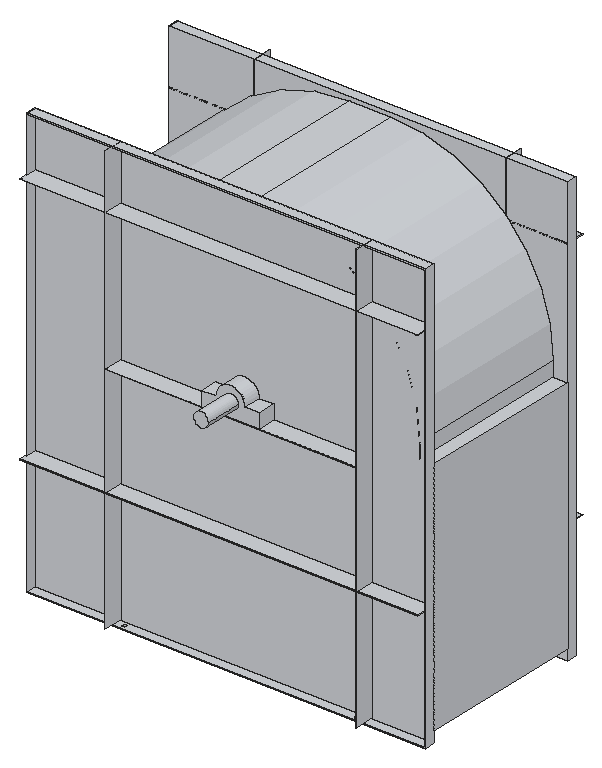
Revit family "CA-4_SWSI_ARR_3_CCW_BHD", category Mechanical Equipment, Revit 2019
Family settings
  Round Connector Dimension = Use Radius
  Part Type = Normal
  Work Plane-Based = No
  Always vertical = Yes
  Cut with Voids When Loaded = No
  Shared = No
  Room Calculation Point = No
Parameters (values of type "600_CA-4_SWSI_ARR_3_CCW_BHD_CLASS_3")
  S = 32"
  R = 49 5/16"
  P = 24 21/32"
  O/2 = O / 2  # 17/32"
  O = 1 1/16"
  N/2 = N / 2  # 1 31/32"
  N = 3 15/16"
  ModelID [instance] = ""
  M = 66 11/16"
  L = 10"
  K = 56 11/16"
  J = 3"
  INLET_RAD/2 = INLET_RAD / 2  # 16 1/2"
  INLET_RAD+1.5" = INLET_RAD + 1 1/2"  # 34 1/2"
  INLET_RAD = INLET_DIA / 2  # 33"
  INLET_DIA = 66"
  H = 51 5/8"
  G = 109 5/8"
  F = 118"
  Unit Weight [instance] = ""
  Sones [instance] = ""
  Motor RPM [instance] = ""
  Motor Enclosure [instance] = ""
  LwA [instance] = ""
  Fan RPM [instance] = ""
  E = 49 3/4"
  E-(INLET_RAD+1.5") = F - E - (INLET_RAD + 1 1/2")  # 33 3/4"
  E+(INLET_RAD+1.5") = F - E + (INLET_RAD + 1 1/2")  # 102 3/4"
  F-E = F - E  # 68 1/4"
  D-((D-B)/2) = D - ((D - B) / 2)  # 48 13/16"
  D = 51 13/16"
  B = 45 13/16"
  Accessories [instance] = ""
  A = 65 5/8"
  3" = 3"  # constant formula
  Brake Hp [instance] = ""
  4" = 4"  # constant formula
  2N = N + N  # 7 7/8"
  2' = 24"
  2" = 2"  # constant formula
  1" = 1"  # constant formula
  0 = 0"  # constant formula
  Voltage [instance] = 0 V
  URL = "www.lorencook.com"
  Type Comments = "Airfoil Centrifugal Blower Arrangement 3 Counter-Clockwise Bottom Horizontal Discharge"  # constant formula
  Static Pressure [instance] = 0.00 in-wg
  Power [instance] = Voltage * Motor FLA * sqrt(if(Phase = 3, 3, 1))  # 0 VA
  Phase [instance] = 0
  Number of Poles [instance] = 1
  Motor Hp [instance] = "0"
  Motor FLA [instance] = 0 A
  Model = "CA-4 SWSI ARR 3 CCW BHD CLASS 3"
  Manufacturer = "Loren Cook Company"
  CFM [instance] = 0 CFM
  1.5 = 1 1/2"  # constant formula
  ONE EIGTH = 1/8"  # constant formula
  -(((K-B)/2)-.125") = -(((K - B) / 2) - 1/8")  # -5 5/16"
  (R-B)/2 = (R - B) / 2  # 1 3/4"
  ((K-B)/2)+B = ((K - B) / 2) + B  # 51 1/4"
  (D-B)/2 = (D - B) / 2  # 3"
  -(((K-B)/2)+L) = -(((K - B) / 2) + L)  # -15 7/16"
  ((D-B)/2)-.125" = ((D - B) / 2) - 1/8"  # 2 7/8"
Types (55): name | S | R | P | O/2 | O | N/2 | N | M | L | K | J | INLET_RAD/2 | INLET_RAD+1.5" | INLET_RAD | INLET_DIA | H | G | F | E | E-(INLET_RAD+1.5") | E+(INLET_RAD+1.5") | F-E | D-((D-B)/2) | D | B | A | 2N | Model | -(((K-B)/2)-.125") | (R-B)/2 | ((K-B)/2)+B | (D-B)/2 | -(((K-B)/2)+L) | ((D-B)/2)-.125"
  (no name) | 32" | 49 5/16" | 24 21/32" | 17/32" | 1 1/16" | 1 31/32" | 3 15/16" | 66 11/16" | 10" | 56 11/16" | 3" | 16 1/2" | 34 1/2" | 33" | 66" | 51 5/8" | 109 5/8" | 118" | 49 3/4" | 33 3/4" | 102 3/4" | 68 1/4" | 48 13/16" | 51 13/16" | 45 13/16" | 65 5/8" | 7 7/8" | "CA-4 SWSI ARR 3 CCW BHD CLASS 3" | -5 5/16" | 1 3/4" | 51 1/4" | 3" | -15 7/16" | 2 7/8"
  120_CA-4_SWSI_ARR_3_CCW_BHD_CLASS_1 | 7 1/2" | 11 7/16" | 5 23/32" | 11/32" | 11/16" | 1/2" | 1" | 18 7/8" | 3" | 15 7/8" | 2" | 4 1/16" | 9 5/8" | 8 1/8" | 16 1/4" | 10 3/8" | 22 3/4" | 25 3/4" | 10 3/4" | 5 3/8" | 24 5/8" | 15" | 11 3/16" | 13 3/16" | 9 3/16" | 13 1/8" | 2" | "CA-4 SWSI ARR 3 CCW BHD CLASS 1" | -3 7/32" | 1 1/8" | 12 17/32" | 2" | -6 11/32" | 1 7/8"
  120_CA-4_SWSI_ARR_3_CCW_BHD_CLASS_2 | 7 1/2" | 11 7/16" | 5 23/32" | 11/32" | 11/16" | 1/2" | 1" | 18 7/8" | 3" | 15 7/8" | 2" | 4 1/16" | 9 5/8" | 8 1/8" | 16 1/4" | 10 3/8" | 22 3/4" | 25 3/4" | 10 3/4" | 5 3/8" | 24 5/8" | 15" | 11 3/16" | 13 3/16" | 9 3/16" | 13 1/8" | 2" | "CA-4 SWSI ARR 3 CCW BHD CLASS 2" | -3 7/32" | 1 1/8" | 12 17/32" | 2" | -6 11/32" | 1 7/8"
  120_CA-4_SWSI_ARR_3_CCW_BHD_CLASS_3 | 7 1/2" | 11 7/16" | 5 23/32" | 11/32" | 11/16" | 19/32" | 1 3/16" | 18 7/8" | 3" | 15 7/8" | 2" | 4 1/16" | 9 5/8" | 8 1/8" | 16 1/4" | 10 3/8" | 22 3/4" | 25 3/4" | 10 3/4" | 5 3/8" | 24 5/8" | 15" | 11 3/16" | 13 3/16" | 9 3/16" | 13 1/8" | 2 3/8" | "CA-4 SWSI ARR 3 CCW BHD CLASS 3" | -3 7/32" | 1 1/8" | 12 17/32" | 2" | -6 11/32" | 1 7/8"
  135_CA-4_SWSI_ARR_3_CCW_BHD_CLASS_1 | 8 1/2" | 12 9/16" | 6 9/32" | 11/32" | 11/16" | 1/2" | 1" | 20" | 3" | 17" | 2" | 4 7/16" | 10 3/8" | 8 7/8" | 17 3/4" | 11 5/8" | 25 1/2" | 28 3/4" | 12" | 6 3/8" | 27 1/8" | 16 3/4" | 12 5/16" | 14 5/16" | 10 5/16" | 14 3/4" | 2" | "CA-4 SWSI ARR 3 CCW BHD CLASS 1" | -3 7/32" | 1 1/8" | 13 21/32" | 2" | -6 11/32" | 1 7/8"
  135_CA-4_SWSI_ARR_3_CCW_BHD_CLASS_2 | 8 1/2" | 12 9/16" | 6 9/32" | 11/32" | 11/16" | 1/2" | 1" | 20" | 3" | 17" | 2" | 4 7/16" | 10 3/8" | 8 7/8" | 17 3/4" | 11 5/8" | 25 1/2" | 28 3/4" | 12" | 6 3/8" | 27 1/8" | 16 3/4" | 12 5/16" | 14 5/16" | 10 5/16" | 14 3/4" | 2" | "CA-4 SWSI ARR 3 CCW BHD CLASS 2" | -3 7/32" | 1 1/8" | 13 21/32" | 2" | -6 11/32" | 1 7/8"
  135_CA-4_SWSI_ARR_3_CCW_BHD_CLASS_3 | 8 1/2" | 12 9/16" | 6 9/32" | 11/32" | 11/16" | 19/32" | 1 3/16" | 20" | 3" | 17" | 2" | 4 7/16" | 10 3/8" | 8 7/8" | 17 3/4" | 11 5/8" | 25 1/2" | 28 3/4" | 12" | 6 3/8" | 27 1/8" | 16 3/4" | 12 5/16" | 14 5/16" | 10 5/16" | 14 3/4" | 2 3/8" | "CA-4 SWSI ARR 3 CCW BHD CLASS 3" | -3 7/32" | 1 1/8" | 13 21/32" | 2" | -6 11/32" | 1 7/8"
  150_CA-4_SWSI_ARR_3_CCW_BHD_CLASS_1 | 9" | 13 11/16" | 6 27/32" | 11/32" | 11/16" | 1/2" | 1" | 21 1/8" | 3" | 18 1/8" | 2" | 4 13/16" | 11 1/8" | 9 5/8" | 19 1/4" | 12 7/8" | 28 1/8" | 31 5/8" | 13 1/4" | 7 1/4" | 29 1/2" | 18 3/8" | 13 7/16" | 15 7/16" | 11 7/16" | 16 7/16" | 2" | "CA-4 SWSI ARR 3 CCW BHD CLASS 1" | -3 7/32" | 1 1/8" | 14 25/32" | 2" | -6 11/32" | 1 7/8"
  150_CA-4_SWSI_ARR_3_CCW_BHD_CLASS_2 | 9" | 13 11/16" | 6 27/32" | 11/32" | 11/16" | 19/32" | 1 3/16" | 21 1/8" | 3" | 18 1/8" | 2" | 4 13/16" | 11 1/8" | 9 5/8" | 19 1/4" | 12 7/8" | 28 1/8" | 31 5/8" | 13 1/4" | 7 1/4" | 29 1/2" | 18 3/8" | 13 7/16" | 15 7/16" | 11 7/16" | 16 7/16" | 2 3/8" | "CA-4 SWSI ARR 3 CCW BHD CLASS 2" | -3 7/32" | 1 1/8" | 14 25/32" | 2" | -6 11/32" | 1 7/8"
  150_CA-4_SWSI_ARR_3_CCW_BHD_CLASS_3 | 9" | 13 11/16" | 6 27/32" | 11/32" | 11/16" | 23/32" | 1 7/16" | 21 1/8" | 3" | 18 1/8" | 2" | 4 13/16" | 11 1/8" | 9 5/8" | 19 1/4" | 12 7/8" | 28 1/8" | 31 5/8" | 13 1/4" | 7 1/4" | 29 1/2" | 18 3/8" | 13 7/16" | 15 7/16" | 11 7/16" | 16 7/16" | 2 7/8" | "CA-4 SWSI ARR 3 CCW BHD CLASS 3" | -3 7/32" | 1 1/8" | 14 25/32" | 2" | -6 11/32" | 1 7/8"
  165_CA-4_SWSI_ARR_3_CCW_BHD_CLASS_1 | 10" | 14 7/8" | 7 7/16" | 11/32" | 11/16" | 1/2" | 1" | 23 15/16" | 4" | 19 5/16" | 2" | 5 5/16" | 12 1/8" | 10 5/8" | 21 1/4" | 14 1/4" | 30 7/8" | 34 3/8" | 14 3/8" | 7 7/8" | 32 1/8" | 20" | 14 5/8" | 16 5/8" | 12 5/8" | 18 1/16" | 2" | "CA-4 SWSI ARR 3 CCW BHD CLASS 1" | -3 7/32" | 1 1/8" | 15 31/32" | 2" | -7 11/32" | 1 7/8"
  165_CA-4_SWSI_ARR_3_CCW_BHD_CLASS_2 | 10" | 14 7/8" | 7 7/16" | 11/32" | 11/16" | 19/32" | 1 3/16" | 23 15/16" | 4" | 19 5/16" | 2" | 5 5/16" | 12 1/8" | 10 5/8" | 21 1/4" | 14 1/4" | 30 7/8" | 34 3/8" | 14 3/8" | 7 7/8" | 32 1/8" | 20" | 14 5/8" | 16 5/8" | 12 5/8" | 18 1/16" | 2 3/8" | "CA-4 SWSI ARR 3 CCW BHD CLASS 2" | -3 7/32" | 1 1/8" | 15 31/32" | 2" | -7 11/32" | 1 7/8"
  165_CA-4_SWSI_ARR_3_CCW_BHD_CLASS_3 | 10" | 14 7/8" | 7 7/16" | 11/32" | 11/16" | 23/32" | 1 7/16" | 23 15/16" | 4" | 19 5/16" | 2" | 5 5/16" | 12 1/8" | 10 5/8" | 21 1/4" | 14 1/4" | 30 7/8" | 34 3/8" | 14 3/8" | 7 7/8" | 32 1/8" | 20" | 14 5/8" | 16 5/8" | 12 5/8" | 18 1/16" | 2 7/8" | "CA-4 SWSI ARR 3 CCW BHD CLASS 3" | -3 7/32" | 1 1/8" | 15 31/32" | 2" | -7 11/32" | 1 7/8"
  180_CA-4_SWSI_ARR_3_CCW_BHD_CLASS_1 | 11" | 16" | 8" | 11/32" | 11/16" | 19/32" | 1 3/16" | 24 15/16" | 4 1/2" | 20 7/16" | 2" | 5 11/16" | 12 7/8" | 11 3/8" | 22 3/4" | 15 1/2" | 33 5/8" | 37 1/8" | 15 5/8" | 8 5/8" | 34 3/8" | 21 1/2" | 15 3/4" | 17 3/4" | 13 3/4" | 19 11/16" | 2 3/8" | "CA-4 SWSI ARR 3 CCW BHD CLASS 1" | -3 7/32" | 1 1/8" | 17 3/32" | 2" | -7 27/32" | 1 7/8"
  180_CA-4_SWSI_ARR_3_CCW_BHD_CLASS_2 | 11" | 16" | 8" | 11/32" | 11/16" | 23/32" | 1 7/16" | 24 15/16" | 4 1/2" | 20 7/16" | 2" | 5 11/16" | 12 7/8" | 11 3/8" | 22 3/4" | 15 1/2" | 33 5/8" | 37 1/8" | 15 5/8" | 8 5/8" | 34 3/8" | 21 1/2" | 15 3/4" | 17 3/4" | 13 3/4" | 19 11/16" | 2 7/8" | "CA-4 SWSI ARR 3 CCW BHD CLASS 2" | -3 7/32" | 1 1/8" | 17 3/32" | 2" | -7 27/32" | 1 7/8"
  180_CA-4_SWSI_ARR_3_CCW_BHD_CLASS_3 | 11" | 16" | 8" | 11/32" | 11/16" | 27/32" | 1 11/16" | 24 15/16" | 4 1/2" | 20 7/16" | 2" | 5 11/16" | 12 7/8" | 11 3/8" | 22 3/4" | 15 1/2" | 33 5/8" | 37 1/8" | 15 5/8" | 8 5/8" | 34 3/8" | 21 1/2" | 15 3/4" | 17 3/4" | 13 3/4" | 19 11/16" | 3 3/8" | "CA-4 SWSI ARR 3 CCW BHD CLASS 3" | -3 7/32" | 1 1/8" | 17 3/32" | 2" | -7 27/32" | 1 7/8"
  195_CA-4_SWSI_ARR_3_CCW_BHD_CLASS_1 | 11 1/2" | 17 3/16" | 8 19/32" | 11/32" | 11/16" | 23/32" | 1 7/16" | 27 3/16" | 4 1/2" | 22 11/16" | 2" | 6 1/16" | 13 5/8" | 12 1/8" | 24 1/4" | 16 3/4" | 36 1/4" | 40" | 16 3/4" | 9 5/8" | 36 7/8" | 23 1/4" | 16 15/16" | 18 15/16" | 14 15/16" | 21 5/16" | 2 7/8" | "CA-4 SWSI ARR 3 CCW BHD CLASS 1" | -3 3/4" | 1 1/8" | 18 13/16" | 2" | -8 3/8" | 1 7/8"
  195_CA-4_SWSI_ARR_3_CCW_BHD_CLASS_2 | 11 1/2" | 17 3/16" | 8 19/32" | 11/32" | 11/16" | 23/32" | 1 7/16" | 27 3/16" | 4 1/2" | 22 11/16" | 2" | 6 1/16" | 13 5/8" | 12 1/8" | 24 1/4" | 16 3/4" | 36 1/4" | 40" | 16 3/4" | 9 5/8" | 36 7/8" | 23 1/4" | 16 15/16" | 18 15/16" | 14 15/16" | 21 5/16" | 2 7/8" | "CA-4 SWSI ARR 3 CCW BHD CLASS 2" | -3 3/4" | 1 1/8" | 18 13/16" | 2" | -8 3/8" | 1 7/8"
  195_CA-4_SWSI_ARR_3_CCW_BHD_CLASS_3 | 11 1/2" | 17 3/16" | 8 19/32" | 11/32" | 11/16" | 27/32" | 1 11/16" | 27 3/16" | 4 1/2" | 22 11/16" | 2" | 6 1/16" | 13 5/8" | 12 1/8" | 24 1/4" | 16 3/4" | 36 1/4" | 40" | 16 3/4" | 9 5/8" | 36 7/8" | 23 1/4" | 16 15/16" | 18 15/16" | 14 15/16" | 21 5/16" | 3 3/8" | "CA-4 SWSI ARR 3 CCW BHD CLASS 3" | -3 3/4" | 1 1/8" | 18 13/16" | 2" | -8 3/8" | 1 7/8"
  210_CA-4_SWSI_ARR_3_CCW_BHD_CLASS_1 | 12" | 18 5/16" | 9 5/32" | 13/32" | 13/16" | 23/32" | 1 7/16" | 28 13/16" | 5" | 23 13/16" | 2" | 6 1/2" | 14 1/2" | 13" | 26" | 18 1/8" | 39 1/8" | 42 7/8" | 18" | 10 3/8" | 39 3/8" | 24 7/8" | 18 1/16" | 20 1/16" | 16 1/16" | 23" | 2 7/8" | "CA-4 SWSI ARR 3 CCW BHD CLASS 1" | -3 3/4" | 1 1/8" | 19 15/16" | 2" | -8 7/8" | 1 7/8"
  210_CA-4_SWSI_ARR_3_CCW_BHD_CLASS_2 | 12" | 18 5/16" | 9 5/32" | 13/32" | 13/16" | 23/32" | 1 7/16" | 28 13/16" | 5" | 23 13/16" | 2" | 6 1/2" | 14 1/2" | 13" | 26" | 18 1/8" | 39 1/8" | 42 7/8" | 18" | 10 3/8" | 39 3/8" | 24 7/8" | 18 1/16" | 20 1/16" | 16 1/16" | 23" | 2 7/8" | "CA-4 SWSI ARR 3 CCW BHD CLASS 2" | -3 3/4" | 1 1/8" | 19 15/16" | 2" | -8 7/8" | 1 7/8"
  210_CA-4_SWSI_ARR_3_CCW_BHD_CLASS_3 | 12" | 18 5/16" | 9 5/32" | 13/32" | 13/16" | 27/32" | 1 11/16" | 28 13/16" | 5" | 23 13/16" | 2" | 6 1/2" | 14 1/2" | 13" | 26" | 18 1/8" | 39 1/8" | 42 7/8" | 18" | 10 3/8" | 39 3/8" | 24 7/8" | 18 1/16" | 20 1/16" | 16 1/16" | 23" | 3 3/8" | "CA-4 SWSI ARR 3 CCW BHD CLASS 3" | -3 3/4" | 1 1/8" | 19 15/16" | 2" | -8 7/8" | 1 7/8"
  225_CA-4_SWSI_ARR_3_CCW_BHD_CLASS_1 | 12 1/2" | 19 7/16" | 9 23/32" | 13/32" | 13/16" | 23/32" | 1 7/16" | 29 15/16" | 5" | 24 15/16" | 2" | 6 7/8" | 15 1/4" | 13 3/4" | 27 1/2" | 19 3/8" | 41 3/4" | 45 3/4" | 19 1/4" | 11 1/4" | 41 3/4" | 26 1/2" | 19 3/16" | 21 3/16" | 17 3/16" | 24 5/8" | 2 7/8" | "CA-4 SWSI ARR 3 CCW BHD CLASS 1" | -3 3/4" | 1 1/8" | 21 1/16" | 2" | -8 7/8" | 1 7/8"
  225_CA-4_SWSI_ARR_3_CCW_BHD_CLASS_2 | 12 1/2" | 19 7/16" | 9 23/32" | 13/32" | 13/16" | 23/32" | 1 7/16" | 29 15/16" | 5" | 24 15/16" | 2" | 6 7/8" | 15 1/4" | 13 3/4" | 27 1/2" | 19 3/8" | 41 3/4" | 45 3/4" | 19 1/4" | 11 1/4" | 41 3/4" | 26 1/2" | 19 3/16" | 21 3/16" | 17 3/16" | 24 5/8" | 2 7/8" | "CA-4 SWSI ARR 3 CCW BHD CLASS 2" | -3 3/4" | 1 1/8" | 21 1/16" | 2" | -8 7/8" | 1 7/8"
  225_CA-4_SWSI_ARR_3_CCW_BHD_CLASS_3 | 12 1/2" | 19 7/16" | 9 23/32" | 13/32" | 13/16" | 27/32" | 1 11/16" | 29 15/16" | 5" | 24 15/16" | 2" | 6 7/8" | 15 1/4" | 13 3/4" | 27 1/2" | 19 3/8" | 41 3/4" | 45 3/4" | 19 1/4" | 11 1/4" | 41 3/4" | 26 1/2" | 19 3/16" | 21 3/16" | 17 3/16" | 24 5/8" | 3 3/8" | "CA-4 SWSI ARR 3 CCW BHD CLASS 3" | -3 3/4" | 1 1/8" | 21 1/16" | 2" | -8 7/8" | 1 7/8"
  245_CA-4_SWSI_ARR_3_CCW_BHD_CLASS_1 | 13 1/2" | 21" | 10 1/2" | 13/32" | 13/16" | 23/32" | 1 7/16" | 32" | 5 1/2" | 26 1/2" | 2" | 7 3/8" | 16 1/4" | 14 3/4" | 29 1/2" | 21 1/8" | 45 3/8" | 49 1/2" | 20 7/8" | 12 3/8" | 44 7/8" | 28 5/8" | 20 3/4" | 22 3/4" | 18 3/4" | 26 13/16" | 2 7/8" | "CA-4 SWSI ARR 3 CCW BHD CLASS 1" | -3 3/4" | 1 1/8" | 22 5/8" | 2" | -9 3/8" | 1 7/8"
  245_CA-4_SWSI_ARR_3_CCW_BHD_CLASS_2 | 13 1/2" | 21" | 10 1/2" | 13/32" | 13/16" | 27/32" | 1 11/16" | 32" | 5 1/2" | 26 1/2" | 2" | 7 3/8" | 16 1/4" | 14 3/4" | 29 1/2" | 21 1/8" | 45 3/8" | 49 1/2" | 20 7/8" | 12 3/8" | 44 7/8" | 28 5/8" | 20 3/4" | 22 3/4" | 18 3/4" | 26 13/16" | 3 3/8" | "CA-4 SWSI ARR 3 CCW BHD CLASS 2" | -3 3/4" | 1 1/8" | 22 5/8" | 2" | -9 3/8" | 1 7/8"
  245_CA-4_SWSI_ARR_3_CCW_BHD_CLASS_3 | 13 1/2" | 21" | 10 1/2" | 13/32" | 13/16" | 31/32" | 1 15/16" | 32" | 5 1/2" | 26 1/2" | 2" | 7 3/8" | 16 1/4" | 14 3/4" | 29 1/2" | 21 1/8" | 45 3/8" | 49 1/2" | 20 7/8" | 12 3/8" | 44 7/8" | 28 5/8" | 20 3/4" | 22 3/4" | 18 3/4" | 26 13/16" | 3 7/8" | "CA-4 SWSI ARR 3 CCW BHD CLASS 3" | -3 3/4" | 1 1/8" | 22 5/8" | 2" | -9 3/8" | 1 7/8"
  270_CA-4_SWSI_ARR_3_CCW_BHD_CLASS_1 | 15" | 22 7/8" | 11 7/16" | 13/32" | 13/16" | 23/32" | 1 7/16" | 34 3/8" | 6" | 28 3/8" | 2" | 8" | 17 1/2" | 16" | 32" | 23 1/4" | 49 7/8" | 54 3/4" | 23 3/8" | 13 7/8" | 48 7/8" | 31 3/8" | 22 5/8" | 24 5/8" | 20 5/8" | 29 9/16" | 2 7/8" | "CA-4 SWSI ARR 3 CCW BHD CLASS 1" | -3 3/4" | 1 1/8" | 24 1/2" | 2" | -9 7/8" | 1 7/8"
  270_CA-4_SWSI_ARR_3_CCW_BHD_CLASS_2 | 15" | 22 7/8" | 11 7/16" | 13/32" | 13/16" | 27/32" | 1 11/16" | 34 3/8" | 6" | 28 3/8" | 2" | 8" | 17 1/2" | 16" | 32" | 23 1/4" | 49 7/8" | 54 3/4" | 23 3/8" | 13 7/8" | 48 7/8" | 31 3/8" | 22 5/8" | 24 5/8" | 20 5/8" | 29 9/16" | 3 3/8" | "CA-4 SWSI ARR 3 CCW BHD CLASS 2" | -3 3/4" | 1 1/8" | 24 1/2" | 2" | -9 7/8" | 1 7/8"
  270_CA-4_SWSI_ARR_3_CCW_BHD_CLASS_3 | 15" | 22 7/8" | 11 7/16" | 13/32" | 13/16" | 31/32" | 1 15/16" | 34 3/8" | 6" | 28 3/8" | 2" | 8" | 17 1/2" | 16" | 32" | 23 1/4" | 49 7/8" | 54 3/4" | 23 3/8" | 13 7/8" | 48 7/8" | 31 3/8" | 22 5/8" | 24 5/8" | 20 5/8" | 29 9/16" | 3 7/8" | "CA-4 SWSI ARR 3 CCW BHD CLASS 3" | -3 3/4" | 1 1/8" | 24 1/2" | 2" | -9 7/8" | 1 7/8"
  300_CA-4_SWSI_ARR_3_CCW_BHD_CLASS_1 | 16 1/2" | 25 3/16" | 12 19/32" | 13/32" | 13/16" | 27/32" | 1 11/16" | 37 3/16" | 6 1/2" | 30 11/16" | 2" | 8 3/4" | 19" | 17 1/2" | 35" | 25 7/8" | 55 3/8" | 60" | 25 3/8" | 15 5/8" | 53 5/8" | 34 5/8" | 24 15/16" | 26 15/16" | 22 15/16" | 32 13/16" | 3 3/8" | "CA-4 SWSI ARR 3 CCW BHD CLASS 1" | -3 3/4" | 1 1/8" | 26 13/16" | 2" | -10 3/8" | 1 7/8"
  300_CA-4_SWSI_ARR_3_CCW_BHD_CLASS_2 | 16 1/2" | 25 3/16" | 12 19/32" | 13/32" | 13/16" | 31/32" | 1 15/16" | 37 3/16" | 6 1/2" | 30 11/16" | 2" | 8 3/4" | 19" | 17 1/2" | 35" | 25 7/8" | 55 3/8" | 60" | 25 3/8" | 15 5/8" | 53 5/8" | 34 5/8" | 24 15/16" | 26 15/16" | 22 15/16" | 32 13/16" | 3 7/8" | "CA-4 SWSI ARR 3 CCW BHD CLASS 2" | -3 3/4" | 1 1/8" | 26 13/16" | 2" | -10 3/8" | 1 7/8"
  300_CA-4_SWSI_ARR_3_CCW_BHD_CLASS_3 | 16 1/2" | 25 3/16" | 12 19/32" | 13/32" | 13/16" | 1 3/32" | 2 3/16" | 37 3/16" | 6 1/2" | 30 11/16" | 2" | 8 3/4" | 19" | 17 1/2" | 35" | 25 7/8" | 55 3/8" | 60" | 25 3/8" | 15 5/8" | 53 5/8" | 34 5/8" | 24 15/16" | 26 15/16" | 22 15/16" | 32 13/16" | 4 3/8" | "CA-4 SWSI ARR 3 CCW BHD CLASS 3" | -3 3/4" | 1 1/8" | 26 13/16" | 2" | -10 3/8" | 1 7/8"
  330_CA-4_SWSI_ARR_3_CCW_BHD_CLASS_1 | 18" | 27 1/2" | 13 3/4" | 13/32" | 13/16" | 27/32" | 1 11/16" | 40" | 7" | 33" | 2" | 9 1/2" | 20 1/2" | 19" | 38" | 28 3/8" | 60 3/4" | 65 3/4" | 27 7/8" | 17 3/8" | 58 3/8" | 37 7/8" | 27 1/4" | 29 1/4" | 25 1/4" | 36 1/8" | 3 3/8" | "CA-4 SWSI ARR 3 CCW BHD CLASS 1" | -3 3/4" | 1 1/8" | 29 1/8" | 2" | -10 7/8" | 1 7/8"
  330_CA-4_SWSI_ARR_3_CCW_BHD_CLASS_2 | 18" | 27 1/2" | 13 3/4" | 13/32" | 13/16" | 1 3/32" | 2 3/16" | 40" | 7" | 33" | 2" | 9 1/2" | 20 1/2" | 19" | 38" | 28 3/8" | 60 3/4" | 65 3/4" | 27 7/8" | 17 3/8" | 58 3/8" | 37 7/8" | 27 1/4" | 29 1/4" | 25 1/4" | 36 1/8" | 4 3/8" | "CA-4 SWSI ARR 3 CCW BHD CLASS 2" | -3 3/4" | 1 1/8" | 29 1/8" | 2" | -10 7/8" | 1 7/8"
  330_CA-4_SWSI_ARR_3_CCW_BHD_CLASS_3 | 18" | 27 1/2" | 13 3/4" | 13/32" | 13/16" | 1 3/32" | 2 3/16" | 40" | 7" | 33" | 2" | 9 1/2" | 20 1/2" | 19" | 38" | 28 3/8" | 60 3/4" | 65 3/4" | 27 7/8" | 17 3/8" | 58 3/8" | 37 7/8" | 27 1/4" | 29 1/4" | 25 1/4" | 36 1/8" | 4 3/8" | "CA-4 SWSI ARR 3 CCW BHD CLASS 3" | -3 3/4" | 1 1/8" | 29 1/8" | 2" | -10 7/8" | 1 7/8"
  365_CA-4_SWSI_ARR_3_CCW_BHD_CLASS_1 | 20" | 30 1/8" | 15 1/16" | 13/32" | 13/16" | 31/32" | 1 15/16" | 43 1/8" | 7 1/2" | 35 5/8" | 2" | 10 3/8" | 22 1/4" | 20 3/4" | 41 1/2" | 31 3/8" | 67" | 72 3/8" | 30 5/8" | 19 1/2" | 64" | 41 3/4" | 29 7/8" | 31 7/8" | 27 7/8" | 39 15/16" | 3 7/8" | "CA-4 SWSI ARR 3 CCW BHD CLASS 1" | -3 3/4" | 1 1/8" | 31 3/4" | 2" | -11 3/8" | 1 7/8"
  365_CA-4_SWSI_ARR_3_CCW_BHD_CLASS_2 | 20" | 30 1/8" | 15 1/16" | 13/32" | 13/16" | 1 7/32" | 2 7/16" | 43 1/8" | 7 1/2" | 35 5/8" | 2" | 10 3/8" | 22 1/4" | 20 3/4" | 41 1/2" | 31 3/8" | 67" | 72 3/8" | 30 5/8" | 19 1/2" | 64" | 41 3/4" | 29 7/8" | 31 7/8" | 27 7/8" | 39 15/16" | 4 7/8" | "CA-4 SWSI ARR 3 CCW BHD CLASS 2" | -3 3/4" | 1 1/8" | 31 3/4" | 2" | -11 3/8" | 1 7/8"
  365_CA-4_SWSI_ARR_3_CCW_BHD_CLASS_3 | 20" | 30 1/8" | 15 1/16" | 13/32" | 13/16" | 1 7/32" | 2 7/16" | 43 1/8" | 7 1/2" | 35 5/8" | 2" | 10 3/8" | 22 1/4" | 20 3/4" | 41 1/2" | 31 3/8" | 67" | 72 3/8" | 30 5/8" | 19 1/2" | 64" | 41 3/4" | 29 7/8" | 31 7/8" | 27 7/8" | 39 15/16" | 4 7/8" | "CA-4 SWSI ARR 3 CCW BHD CLASS 3" | -3 3/4" | 1 1/8" | 31 3/4" | 2" | -11 3/8" | 1 7/8"
  402_CA-4_SWSI_ARR_3_CCW_BHD_CLASS_1 | 22" | 34 1/4" | 17 1/8" | 17/32" | 1 1/16" | 31/32" | 1 15/16" | 46 5/8" | 8" | 38 5/8" | 3" | 11 5/16" | 24 1/8" | 22 5/8" | 45 1/4" | 34 5/8" | 73 7/8" | 80 3/8" | 33 5/8" | 22 5/8" | 70 7/8" | 46 3/4" | 33 3/4" | 36 3/4" | 30 3/4" | 44 1/16" | 3 7/8" | "CA-4 SWSI ARR 3 CCW BHD CLASS 1" | -3 13/16" | 1 3/4" | 34 11/16" | 3" | -11 15/16" | 2 7/8"
  402_CA-4_SWSI_ARR_3_CCW_BHD_CLASS_2 | 22" | 34 1/4" | 17 1/8" | 17/32" | 1 1/16" | 1 7/32" | 2 7/16" | 46 5/8" | 8" | 38 5/8" | 3" | 11 5/16" | 24 1/8" | 22 5/8" | 45 1/4" | 34 5/8" | 73 7/8" | 80 3/8" | 33 5/8" | 22 5/8" | 70 7/8" | 46 3/4" | 33 3/4" | 36 3/4" | 30 3/4" | 44 1/16" | 4 7/8" | "CA-4 SWSI ARR 3 CCW BHD CLASS 2" | -3 13/16" | 1 3/4" | 34 11/16" | 3" | -11 15/16" | 2 7/8"
  402_CA-4_SWSI_ARR_3_CCW_BHD_CLASS_3 | 22" | 34 1/4" | 17 1/8" | 17/32" | 1 1/16" | 1 11/32" | 2 11/16" | 46 5/8" | 8" | 38 5/8" | 3" | 11 5/16" | 24 1/8" | 22 5/8" | 45 1/4" | 34 5/8" | 73 7/8" | 80 3/8" | 33 5/8" | 22 5/8" | 70 7/8" | 46 3/4" | 33 3/4" | 36 3/4" | 30 3/4" | 44 1/16" | 5 3/8" | "CA-4 SWSI ARR 3 CCW BHD CLASS 3" | -3 13/16" | 1 3/4" | 34 11/16" | 3" | -11 15/16" | 2 7/8"
  445_CA-4_SWSI_ARR_3_CCW_BHD_CLASS_1 | 24" | 37 1/2" | 18 3/4" | 17/32" | 1 1/16" | 31/32" | 1 15/16" | 50 3/8" | 8 1/2" | 41 7/8" | 3" | 12 3/8" | 26 1/4" | 24 3/4" | 49 1/2" | 38 1/4" | 81 1/2" | 88 1/2" | 37 1/8" | 25 1/8" | 77 5/8" | 51 3/8" | 37" | 40" | 34" | 48 11/16" | 3 7/8" | "CA-4 SWSI ARR 3 CCW BHD CLASS 1" | -3 13/16" | 1 3/4" | 37 15/16" | 3" | -12 7/16" | 2 7/8"
  445_CA-4_SWSI_ARR_3_CCW_BHD_CLASS_2 | 24" | 37 1/2" | 18 3/4" | 17/32" | 1 1/16" | 1 11/32" | 2 11/16" | 50 3/8" | 8 1/2" | 41 7/8" | 3" | 12 3/8" | 26 1/4" | 24 3/4" | 49 1/2" | 38 1/4" | 81 1/2" | 88 1/2" | 37 1/8" | 25 1/8" | 77 5/8" | 51 3/8" | 37" | 40" | 34" | 48 11/16" | 5 3/8" | "CA-4 SWSI ARR 3 CCW BHD CLASS 2" | -3 13/16" | 1 3/4" | 37 15/16" | 3" | -12 7/16" | 2 7/8"
  445_CA-4_SWSI_ARR_3_CCW_BHD_CLASS_3 | 24" | 37 1/2" | 18 3/4" | 17/32" | 1 1/16" | 1 15/32" | 2 15/16" | 50 3/8" | 8 1/2" | 41 7/8" | 3" | 12 3/8" | 26 1/4" | 24 3/4" | 49 1/2" | 38 1/4" | 81 1/2" | 88 1/2" | 37 1/8" | 25 1/8" | 77 5/8" | 51 3/8" | 37" | 40" | 34" | 48 11/16" | 5 7/8" | "CA-4 SWSI ARR 3 CCW BHD CLASS 3" | -3 13/16" | 1 3/4" | 37 15/16" | 3" | -12 7/16" | 2 7/8"
  490_CA-4_SWSI_ARR_3_CCW_BHD_CLASS_1 | 26 1/2" | 40 15/16" | 20 15/32" | 17/32" | 1 1/16" | 1 3/32" | 2 3/16" | 55 5/16" | 9" | 46 5/16" | 3" | 13 3/4" | 29" | 27 1/2" | 55" | 42 1/4" | 89 3/4" | 97" | 40 3/4" | 27 1/4" | 85 1/4" | 56 1/4" | 40 7/16" | 43 7/16" | 37 7/16" | 53 5/8" | 4 3/8" | "CA-4 SWSI ARR 3 CCW BHD CLASS 1" | -4 5/16" | 1 3/4" | 41 7/8" | 3" | -13 7/16" | 2 7/8"
  490_CA-4_SWSI_ARR_3_CCW_BHD_CLASS_2 | 26 1/2" | 40 15/16" | 20 15/32" | 17/32" | 1 1/16" | 1 11/32" | 2 11/16" | 55 5/16" | 9" | 46 5/16" | 3" | 13 3/4" | 29" | 27 1/2" | 55" | 42 1/4" | 89 3/4" | 97" | 40 3/4" | 27 1/4" | 85 1/4" | 56 1/4" | 40 7/16" | 43 7/16" | 37 7/16" | 53 5/8" | 5 3/8" | "CA-4 SWSI ARR 3 CCW BHD CLASS 2" | -4 5/16" | 1 3/4" | 41 7/8" | 3" | -13 7/16" | 2 7/8"
  490_CA-4_SWSI_ARR_3_CCW_BHD_CLASS_3 | 26 1/2" | 40 15/16" | 20 15/32" | 17/32" | 1 1/16" | 1 15/32" | 2 15/16" | 55 5/16" | 9" | 46 5/16" | 3" | 13 3/4" | 29" | 27 1/2" | 55" | 42 1/4" | 89 3/4" | 97" | 40 3/4" | 27 1/4" | 85 1/4" | 56 1/4" | 40 7/16" | 43 7/16" | 37 7/16" | 53 5/8" | 5 7/8" | "CA-4 SWSI ARR 3 CCW BHD CLASS 3" | -4 5/16" | 1 3/4" | 41 7/8" | 3" | -13 7/16" | 2 7/8"
  540_CA-4_SWSI_ARR_3_CCW_BHD_CLASS_1 | 29" | 44 3/4" | 22 3/8" | 17/32" | 1 1/16" | 1 23/32" | 3 7/16" | 61 5/8" | 9 1/2" | 52 1/8" | 3" | 15" | 31 1/2" | 30" | 60" | 46 1/2" | 98 3/4" | 106 5/8" | 44 7/8" | 30 1/4" | 93 1/4" | 61 3/4" | 44 1/4" | 47 1/4" | 41 1/4" | 59 1/16" | 6 7/8" | "CA-4 SWSI ARR 3 CCW BHD CLASS 1" | -5 5/16" | 1 3/4" | 46 11/16" | 3" | -14 15/16" | 2 7/8"
  540_CA-4_SWSI_ARR_3_CCW_BHD_CLASS_2 | 29" | 44 3/4" | 22 3/8" | 17/32" | 1 1/16" | 1 15/32" | 2 15/16" | 61 5/8" | 9 1/2" | 52 1/8" | 3" | 15" | 31 1/2" | 30" | 60" | 46 1/2" | 98 3/4" | 106 5/8" | 44 7/8" | 30 1/4" | 93 1/4" | 61 3/4" | 44 1/4" | 47 1/4" | 41 1/4" | 59 1/16" | 5 7/8" | "CA-4 SWSI ARR 3 CCW BHD CLASS 2" | -5 5/16" | 1 3/4" | 46 11/16" | 3" | -14 15/16" | 2 7/8"
  540_CA-4_SWSI_ARR_3_CCW_BHD_CLASS_3 | 29" | 44 3/4" | 22 3/8" | 17/32" | 1 1/16" | 1 23/32" | 3 7/16" | 61 5/8" | 9 1/2" | 52 1/8" | 3" | 15" | 31 1/2" | 30" | 60" | 46 1/2" | 98 3/4" | 106 5/8" | 44 7/8" | 30 1/4" | 93 1/4" | 61 3/4" | 44 1/4" | 47 1/4" | 41 1/4" | 59 1/16" | 6 7/8" | "CA-4 SWSI ARR 3 CCW BHD CLASS 3" | -5 5/16" | 1 3/4" | 46 11/16" | 3" | -14 15/16" | 2 7/8"
  600_CA-4_SWSI_ARR_3_CCW_BHD_CLASS_1 | 32" | 49 5/16" | 24 21/32" | 17/32" | 1 1/16" | 1 11/32" | 2 11/16" | 66 11/16" | 10" | 56 11/16" | 3" | 16 1/2" | 34 1/2" | 33" | 66" | 51 5/8" | 109 5/8" | 118" | 49 3/4" | 33 3/4" | 102 3/4" | 68 1/4" | 48 13/16" | 51 13/16" | 45 13/16" | 65 5/8" | 5 3/8" | "CA-4 SWSI ARR 3 CCW BHD CLASS 1" | -5 5/16" | 1 3/4" | 51 1/4" | 3" | -15 7/16" | 2 7/8"
  600_CA-4_SWSI_ARR_3_CCW_BHD_CLASS_2 | 32" | 49 5/16" | 24 21/32" | 17/32" | 1 1/16" | 1 23/32" | 3 7/16" | 66 11/16" | 10" | 56 11/16" | 3" | 16 1/2" | 34 1/2" | 33" | 66" | 51 5/8" | 109 5/8" | 118" | 49 3/4" | 33 3/4" | 102 3/4" | 68 1/4" | 48 13/16" | 51 13/16" | 45 13/16" | 65 5/8" | 6 7/8" | "CA-4 SWSI ARR 3 CCW BHD CLASS 2" | -5 5/16" | 1 3/4" | 51 1/4" | 3" | -15 7/16" | 2 7/8"
  600_CA-4_SWSI_ARR_3_CCW_BHD_CLASS_3 | 32" | 49 5/16" | 24 21/32" | 17/32" | 1 1/16" | 1 31/32" | 3 15/16" | 66 11/16" | 10" | 56 11/16" | 3" | 16 1/2" | 34 1/2" | 33" | 66" | 51 5/8" | 109 5/8" | 118" | 49 3/4" | 33 3/4" | 102 3/4" | 68 1/4" | 48 13/16" | 51 13/16" | 45 13/16" | 65 5/8" | 7 7/8" | "CA-4 SWSI ARR 3 CCW BHD CLASS 3" | -5 5/16" | 1 3/4" | 51 1/4" | 3" | -15 7/16" | 2 7/8"
Reference planes (in)
  plane 1 "Center (Front/Back)": y = 0
  plane 2: z = 0
  plane 3 "Center (Left/Right)": x = 0.40541
Forms (in)
  Extrusion 1, solid
    sketch origin (0, 0, 0) x (1, 0, 0) y (0, 0, 1)
      loop
        line (-57.59459, 0) -> (52.03041, 0) -> (52.03041, 118) -> (-57.59459, 118) -> (-57.59459, 0)
    from 0 to 3 <- "(D-B)/2"
  Extrusion 2, solid
    sketch origin (0, 0, 0) x (1, 0, 0) y (0, 0, 1)
      loop
        line (-57.59459, 118) -> (-57.59459, 0) -> (52.03041, 0) -> (52.03041, 118) -> (-57.59459, 118)
    from 51.8125 <- "D" to 48.8125 <- "D-((D-B)/2)"
  Extrusion 3, void
    sketch origin (0, 0, 0) x (1, 0, 0) y (0, 0, 1)
      loop
        line (-57.46959, 117.875) -> (-57.46959, 0.125) -> (51.90541, 0.125) -> (51.90541, 117.875) -> (-57.46959, 117.875)
    from 0 to 2.875 <- "((D-B)/2)-.125""
  Extrusion 4, void
    sketch origin (0, -51.8125, 0) x (-1, 0, 0) y (0, 0, 1)
      loop
        line (57.46959, 117.875) -> (-51.90541, 117.875) -> (-51.90541, 0.125) -> (57.46959, 0.125) -> (57.46959, 117.875)
    from 0 to 2.875 <- "((D-B)/2)-.125""
  Extrusion 5, solid
    sketch origin (0, -3, 0) x (1, 0, 0) y (0, 0, 1)
      loop
        line (52.03041, 68.625) -> (48.09291, 68.625) -> (48.09291, 72.5625)
        arc (48.09291, 72.5625) -> (35.07747, 103.98456) -> (3.65541, 117) r 44.4375
        line (3.65541, 117) -> (-7.84459, 117)
        arc (-7.84459, 117) -> (-42.31604, 102.72146) -> (-56.59459, 68.25) r 48.75
        line (-56.59459, 68.25) -> (-56.59459, 59)
        arc (-56.59459, 59) -> (-40.19257, 19.40202) -> (-0.59459, 3) r 56
        line (-0.59459, 3) -> (52.03041, 3) -> (52.03041, 68.625)
    from 0 to 45.8125 <- "B"
  Extrusion 6, solid
    sketch origin (0, -48.8125, 0) x (-1, 0, 0) y (0, 0, 1)
      loop
        circle (-0.40541, 68.25) r 1.96875
    from 51.25 <- "((K-B)/2)+B" to -15.4375 <- "-(((K-B)/2)+L)"
  Extrusion 7, solid
    sketch origin (0, -48.8125, 0) x (-1, 0, 0) y (0, 0, 1)
      loop
        line (7.46959, 64.3125) -> (7.46959, 68.25) -> (3.53209, 68.25)
        arc (3.53209, 68.25) -> (-0.40541, 72.1875) -> (-4.34291, 68.25) r 3.9375
        line (-4.34291, 68.25) -> (-8.28041, 68.25) -> (-8.28041, 64.3125) -> (7.46959, 64.3125)
    from -0.5 to -5.3125 <- "-(((K-B)/2)-.125")"
  Extrusion 8, solid
    sketch origin (0, -3, 0) x (1, 0, 0) y (0, 0, 1)
      loop
        arc (4.34291, 68.25) -> (0.40541, 72.1875) -> (-3.53209, 68.25) r 3.9375
        line (-3.53209, 68.25) -> (-7.46959, 68.25) -> (-7.46959, 64.3125) -> (8.28041, 64.3125) -> (8.28041, 68.25) -> (4.34291, 68.25)
    from -0.5 to -5.3125 <- "-(((K-B)/2)-.125")"
  Extrusion 9, solid
    sketch origin (0, -3, 0) x (1, 0, 0) y (0, 0, 1)
      loop
        line (35.03041, 117.875) -> (34.90541, 117.875) -> (34.90541, 0.125) -> (35.03041, 0.125) -> (35.03041, 117.875)
      loop
        line (-34.09459, 0.125) -> (-34.09459, 117.875) -> (-34.21959, 117.875) -> (-34.21959, 0.125) -> (-34.09459, 0.125)
    from 0 to -5.3125 <- "-(((K-B)/2)-.125")"
  Extrusion 10, solid
    sketch origin (0, -3, 0) x (1, 0, 0) y (0, 0, 1)
      loop
        line (51.90541, 102.875) -> (-57.46959, 102.875) -> (-57.46959, 102.75) -> (51.90541, 102.75) -> (51.90541, 102.875)
      loop
        line (51.90541, 33.75) -> (-57.46959, 33.75) -> (-57.46959, 33.625) -> (51.90541, 33.625) -> (51.90541, 33.75)
      loop
        line (34.90541, 64.3125) -> (-34.09459, 64.3125) -> (-34.09459, 64.1875) -> (34.90541, 64.1875) -> (34.90541, 64.3125)
    from 0 to -5.3125 <- "-(((K-B)/2)-.125")"
  Extrusion 11, solid
    sketch origin (0, -48.8125, 0) x (-1, 0, 0) y (0, 0, 1)
      loop
        line (34.21959, 117.875) -> (34.09459, 117.875) -> (34.09459, 0.125) -> (34.21959, 0.125) -> (34.21959, 117.875)
      loop
        line (-34.90541, 0.125) -> (-34.90541, 117.875) -> (-35.03041, 117.875) -> (-35.03041, 0.125) -> (-34.90541, 0.125)
    from 0 to -5.3125 <- "-(((K-B)/2)-.125")"
  Extrusion 12, solid
    sketch origin (0, -48.8125, 0) x (-1, 0, 0) y (0, 0, 1)
      loop
        line (57.46959, 102.875) -> (-51.90541, 102.875) -> (-51.90541, 102.75) -> (57.46959, 102.75) -> (57.46959, 102.875)
      loop
        line (-34.90541, 64.3125) -> (-34.90541, 64.1875) -> (34.09459, 64.1875) -> (34.09459, 64.3125) -> (-34.90541, 64.3125)
      loop
        line (57.46959, 33.75) -> (-51.90541, 33.75) -> (-51.90541, 33.625) -> (57.46959, 33.625) -> (57.46959, 33.75)
    from 0 to -5.3125 <- "-(((K-B)/2)-.125")"
  Extrusion 13, void
    sketch origin (0, 0, 0) x (1, 0, 0) y (0, 1, 0)
      loop
        circle (-31.59459, -1.25) r 0.53125
      loop
        circle (32.40541, -1.25) r 0.53125
      loop
        circle (32.40541, -50.5625) r 0.53125
      loop
        circle (-31.59459, -50.5625) r 0.53125
    from -0.25 to 0.25
  Revolve 14, void
    sketch origin (0.40541, 0, 0) x (0, 1, 0) y (0, 0, 1)
      loop
        arc (-2.875, 101.25) -> (-7.70774, 89.58274) -> (-19.375, 84.75) r 16.5
        line (-19.375, 84.75) -> (-19.375, 70.21875) -> (-2.875, 70.21875) -> (-2.875, 101.25)
      axis (-19.375, 68.25) -> (-2.875, 68.25)
    angle from 0 to 360
Cuts and joins
  Extrusion 3, Extrusion 13, Revolve 14 cuts Extrusion 1
  Extrusion 4, Extrusion 13 cuts Extrusion 2
  Extrusion 13, Revolve 14 cuts Extrusion 9
  Extrusion 13 cuts Extrusion 11
  Revolve 14 cuts Extrusion 5
  Revolve 14 cuts Extrusion 10
Dimensions and locks (in)
  "0": Extrusion 1 sketch curve to level
  "F": Extrusion 1 sketch curve to Extrusion 1 sketch curve
  "H": Extrusion 1 sketch curve to plane 3 "Center (Left/Right)"
  "G": Extrusion 1 sketch curve to Extrusion 1 sketch curve
  "0": Extrusion 2 sketch curve to level
  "0": Extrusion 1 to Extrusion 2 sketch curve  (x2)
  "0": Extrusion 2 sketch curve to Extrusion 1
  "ONE EIGTH": Extrusion 2 to Extrusion 3 sketch curve  (x2)
  "ONE EIGTH": Extrusion 3 sketch curve to Extrusion 2
  "ONE EIGTH": Extrusion 3 sketch curve to level
  "ONE EIGTH": Extrusion 4 sketch curve to Extrusion 2  (x2)
  "ONE EIGTH": Extrusion 2 to Extrusion 4 sketch curve
  "ONE EIGTH": Extrusion 4 sketch curve to level
  "F-E": Extrusion 6 sketch curve to level
  "0": Extrusion 6 sketch curve to plane 3 "Center (Left/Right)"
  "F-E": Extrusion 7 sketch curve to level  (x2)
  "2N": Extrusion 7 sketch curve to plane 3 "Center (Left/Right)"
  "2N": plane 3 "Center (Left/Right)" to Extrusion 7 sketch curve
  "N": Extrusion 7 sketch curve to Extrusion 7 sketch curve
  "0": Extrusion 7 sketch curve to plane 3 "Center (Left/Right)"
  "F-E": level to Extrusion 8 sketch curve  (x2)
  "N": Extrusion 8 sketch curve to Extrusion 8 sketch curve
  "2N": Extrusion 8 sketch curve to plane 3 "Center (Left/Right)"  (x2)
  "0": Extrusion 8 sketch curve to plane 3 "Center (Left/Right)"
  "ONE EIGTH": level to Extrusion 9 sketch curve  (x2)
  "ONE EIGTH": Extrusion 9 sketch curve to Extrusion 9 sketch curve  (x2)
  "INLET_RAD+1.5"": Extrusion 9 sketch curve to plane 3 "Center (Left/Right)"
  "INLET_RAD+1.5"": plane 3 "Center (Left/Right)" to Extrusion 9 sketch curve
  "ONE EIGTH": Extrusion 9 sketch curve to cut or joined group of Extrusion 1, Extrusion 3, Extrusion 13, Revolve 14  (x2)
  "ONE EIGTH": Extrusion 10 sketch curve to Extrusion 10 sketch curve  (x3)
  "ONE EIGTH": cut or joined group of Extrusion 1, Extrusion 3, Extrusion 13, Revolve 14 to Extrusion 10 sketch curve  (x3)
  "0": Extrusion 10 sketch curve to Extrusion 9  (x2)
  "0": Extrusion 10 sketch curve to Extrusion 8
  "ONE EIGTH": Extrusion 10 sketch curve to cut or joined group of Extrusion 1, Extrusion 3, Extrusion 13, Revolve 14
  "E-(INLET_RAD+1.5")": level to Extrusion 10 sketch curve
  "E+(INLET_RAD+1.5")": level to Extrusion 10 sketch curve
  "ONE EIGTH": cut or joined group of Extrusion 2, Extrusion 4, Extrusion 13 to Extrusion 11 sketch curve  (x2)
  "ONE EIGTH": Extrusion 11 sketch curve to Extrusion 11 sketch curve  (x2)
  "INLET_RAD+1.5"": Extrusion 11 sketch curve to plane 3 "Center (Left/Right)"  (x2)
  "ONE EIGTH": Extrusion 11 sketch curve to level  (x2)
  "0": Extrusion 7 to Extrusion 12 sketch curve
  "ONE EIGTH": Extrusion 12 sketch curve to Extrusion 12 sketch curve  (x3)
  "0": Extrusion 11 to Extrusion 12 sketch curve  (x2)
  "ONE EIGTH": cut or joined group of Extrusion 2, Extrusion 4, Extrusion 13 to Extrusion 12 sketch curve  (x4)
  "E-(INLET_RAD+1.5")": Extrusion 12 sketch curve to level
  "E+(INLET_RAD+1.5")": Extrusion 12 sketch curve to level
  "S": Extrusion 13 sketch curve to plane 3 "Center (Left/Right)"  (x2)
  "S": plane 3 "Center (Left/Right)" to Extrusion 13 sketch curve  (x2)
  "(R-B)/2": cut or joined group of Extrusion 1, Extrusion 3, Extrusion 13, Revolve 14 to Extrusion 13 sketch curve  (x2)
  "(R-B)/2": cut or joined group of Extrusion 2, Extrusion 4, Extrusion 13 to Extrusion 13 sketch curve  (x2)
  "F-E": Revolve 14 sketch curve to level
  "N/2": Revolve 14 sketch curve to Revolve 14 sketch curve
  "INLET_RAD/2": Revolve 14 sketch curve to Revolve 14 sketch curve  (x2)
  "INLET_RAD": Revolve 14 sketch curve to Revolve 14 sketch curve
  "0": Revolve 14 sketch curve to cut or joined group of Extrusion 1, Extrusion 3, Extrusion 13, Revolve 14
  "A": Extrusion 5 sketch curve to Extrusion 5 sketch curve
  "J": Extrusion 5 sketch curve to level
  "N": Extrusion 5 sketch curve to Extrusion 5 sketch curve  (x2)
  "1"": cut or joined group of Extrusion 2, Extrusion 4, Extrusion 13 to Extrusion 5 sketch curve
  "1"": Extrusion 5 sketch curve to cut or joined group of Extrusion 2, Extrusion 4, Extrusion 13
  "1"": plane 3 "Center (Left/Right)" to Extrusion 5 sketch curve
  "0": Extrusion 5 sketch curve to cut or joined group of Extrusion 2, Extrusion 4, Extrusion 13
  "F-E": Extrusion 5 sketch curve to level
  "N/2": radius of Extrusion 6 sketch curve
  "N": radius of Extrusion 7 sketch curve
  "N": radius of Extrusion 8 sketch curve
  "O/2": radius of Extrusion 13 sketch curve  (x4)
Automatic sketch dimensions
  Revolve 14 sketch curve to Revolve 14 sketch curve = 53.38466"
  Revolve 14 sketch curve to plane 1 "Center (Front/Back)" = 17.32447"
Connectors (in)
  hvac at (0.40541, -3, 68.25), driven by "CFM", driven by "INLET_RAD"
    settings: on cut or joined group of Extrusion 1, Extrusion 3, Extrusion 13, Revolve 14, index 2, duct flow 0 CFM, flow factor 0, pres drop 0.00 in-wg, loss coef 0, conn angle 0.00°, conn width 12", conn height 12", conn diameter 66", duct sys type 29, conn prof type 0, flow config 0, flow direction 1, loss method 0, conn ref index -1, conn util no, is conn primary no, conn desc ""
  hvac at (52.03041, -25.90625, 35.8125), driven by "CFM", driven by "A", driven by "B"
    settings: on cut or joined group of Extrusion 5, Revolve 14, index 3, duct flow 0 CFM, flow factor 0, pres drop 0.00 in-wg, loss coef 0, conn angle 0.00°, conn width 45 13/16", conn height 65 5/8", conn diameter 24", duct sys type 29, conn prof type 1, flow config 0, flow direction 2, loss method 0, conn ref index -1, conn util no, is conn primary yes, conn desc ""
